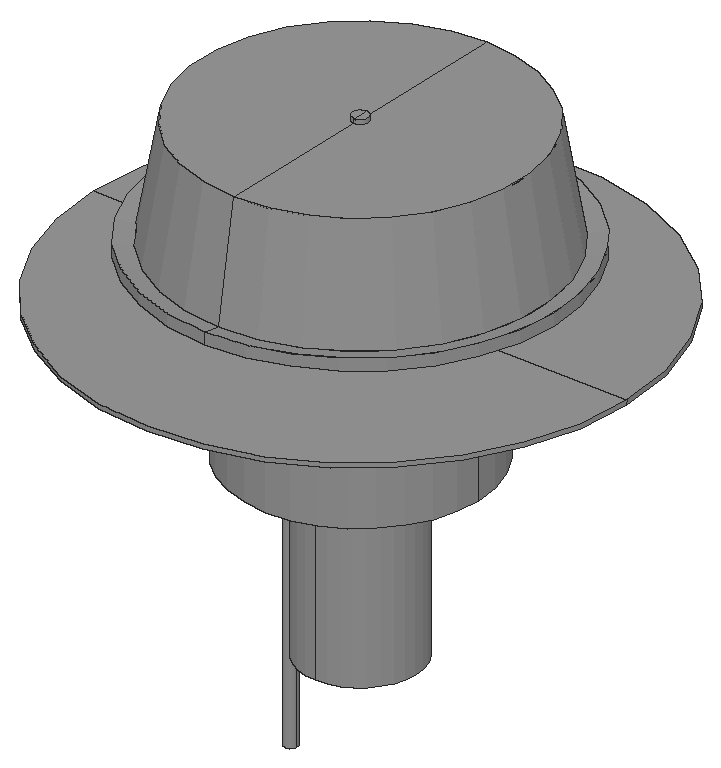
Revit family "HL_RU_Roof drain_HL62.1FSafe-B-221103", category Instalační zařizovací předměty, Revit 2021
Family settings
  Kóta kulaté spojky = Použít průměr
  Typ dílu = Normální
  Číslo OmniClass = 23.70.50.21.24.14
  Nadpis OmniClass = Deck Waste Water Drains
  Založené na pracovní rovině = Ne
  Vždy vertikální = Ano
  Ořezat dutým tvarem při načtení = Ne
  Sdílené = Ne
  Bod výpočtu místnosti = Ano
Parameters (values of type "HL_Кровельная воронка_HL62.1FSafe_7")
  РЕШЁТКА = "Laubfangkorb d 262 mm"
  РАЗМЕР = "DN75"
  ПРОПУСКНАЯ СПОСОБНОСТЬ [instance] = 0.0 L/s
  ПРОИЗВОДИТЕЛЬНОСТЬ = "l/s"
  ПРАВОВАЯ ИНФОРМАЦИЯ = "Авторские права(©), права на дизайн или какие либо другие права интелектуальной собственности являются исключительной собственностью компании HL Hutterer & Lechner. Изменению не подлежит. Файл семейства с данными о прозводителе изделия защищен паролем с водяным знаком."
  НОМИНАЛЬНЫЙ ДИАМЕТР = 75 mm
  МАТЕРИАЛ = "PP"
  ВЫСОТА МОНТАЖА = "100mm"
  ВЕС = "3,091 [kg]"
  Výchozí výška = 0 mm
  Výrobce = "HL Hutterer & Lechner GmbH"  # constant formula
  URL = "http://www.hutterer-lechner.com/ru/products/catalog/roof-drains/HL62.1FSafe/7.aspx"
  Материал плитка [instance] = none
  Přípoj ventilace = no
  Přípoj odpadních dílů = yes
  Přípoj HW = no
  Přípoj CW = no
  Popis = "Кровельные воронки"
  Model = "HL62.1FSafe_7"
  Assembly Code = " "
  Komentáře k typům = "HL62.1FSafe/7, Воронка для аварийного водостока DN75 с электрообогревом, с корпусом из ПП, с возможностью регулировки толщины слоя воды"
  Keynote = "HL62.1FSafe_7"
  EAN = "9003076040735"
  Bысота монтажа [instance] = 28 mm  # constant formula
  G [instance] = 180.00°  # constant formula
  D [instance] = if(НОМИНАЛЬНЫЙ ДИАМЕТР = 75 mm, 116 mm, if(НОМИНАЛЬНЫЙ ДИАМЕТР = 110 mm, 60 mm, if(НОМИНАЛЬНЫЙ ДИАМЕТР = 125 mm, 67 mm, 0 mm))) + Bысота монтажа  # 144 mm
  C [instance] = if(Bысота монтажа - 68 mm < 0 mm, 0 mm, Bысота монтажа - 68 mm)  # 0 mm
  B [instance] = 100 mm  # constant formula
  A [instance] = if(B - 100 mm > 15 mm, B - 100 mm, 15 mm)  # 15 mm
Types (4, lengths in mm): name | РАЗМЕР | НОМИНАЛЬНЫЙ ДИАМЕТР | ВЕС | URL | Model | Komentáře k typům | Keynote | EAN | D
  (no name) | "DN75" | 75 | "3,091 [kg]" | "http://www.hutterer-lechner.com/ru/products/catalog/roof-drains/HL62.1FSafe/7.aspx" | "HL62.1FSafe_7" | "HL62.1FSafe/7, Воронка для аварийного водостока DN75 с электрообогревом, с корпусом из ПП, с возможностью регулировки толщины слоя воды" | "HL62.1FSafe_7" | "9003076040735" | 144
  HL_Кровельная воронка_HL62.1FSafe_1 | "DN110" | 110 | "3,391 [kg]" | "http://www.hutterer-lechner.com/ru/products/catalog/roof-drains/HL62.1FSafe/1.aspx" | "HL62.1FSafe_1" | "HL62.1FSafe/1, Воронка для аварийного водостока DN110 с электрообогревом, с корпусом из ПП, с возможностью регулировки толщины слоя воды" | "HL62.1FSafe_1" | "9003076040711" | 88
  HL_Кровельная воронка_HL62.1FSafe_2 | "DN125" | 125 | "3,634 [kg]" | "http://www.hutterer-lechner.com/ru/products/catalog/roof-drains/HL62.1FSafe/2.aspx" | "HL62.1FSafe_2" | "HL62.1FSafe/2, Воронка для аварийного водостока DN125 с электрообогревом, с корпусом из ПП, с возможностью регулировки толщины слоя воды" | "HL62.1FSafe_2" | "9003076040728" | 95
  HL_Кровельная воронка_HL62.1FSafe_7 | "DN75" | 75 | "3,091 [kg]" | "http://www.hutterer-lechner.com/ru/products/catalog/roof-drains/HL62.1FSafe/7.aspx" | "HL62.1FSafe_7" | "HL62.1FSafe/7, Воронка для аварийного водостока DN75 с электрообогревом, с корпусом из ПП, с возможностью регулировки толщины слоя воды" | "HL62.1FSafe_7" | "9003076040735" | 144
Reference planes
  plane 1 "Center (Front/Back)": y = 0
  plane 2: z = 0
  plane 3 "Center (Left/Right)": x = 0
  plane 4: z = -100
  plane 5: z = -28
Lines and regions (mm)
  model lines, style "InvisibleLines"
    curve 1: line (0, 0, 0) -> (0, 0, 20)
  model lines, style "PlumbingFixtures", detail levels coarse+medium
    curve 2: line (0, 0, -100) -> (0, 0, -85)
    curve 3: line (0, 0, -85) -> (-85, 0, 0)
    curve 4: line (0, 0, -85) -> (85, 0, 0)
    curve 6: line (0, 0, -100) -> (0, 0, -244)
  reference lines, not visible
    curve 5: line (0, 0, -100) -> (0, 0, -244)
  symbolic lines, style "PlumbingFixtures", detail levels coarse+medium
    curve 7: line (-75, 75, 0) -> (75, 75, 0)
    curve 8: line (-75, -75, 0) -> (-75, 75, 0)
    curve 9: line (75, -75, 0) -> (-75, -75, 0)
    curve 10: line (75, 75, 0) -> (75, -75, 0)
    curve 11: line (-75, 75, 0) -> (-145.711, 145.711, 0)
    curve 12: line (75, 75, 0) -> (145.711, 145.711, 0)
    curve 13: line (-75, -75, 0) -> (-145.711, -145.711, 0)
    curve 14: line (75, -75, 0) -> (145.711, -145.711, 0)
  symbolic lines, style "PlumbingFixtures", not visible, detail levels coarse+medium
    curve 15: line (-75, 75, 0) -> (75, 75, 0)
    curve 16: line (-75, -75, 0) -> (-75, 75, 0)
    curve 17: line (75, -75, 0) -> (-75, -75, 0)
    curve 18: line (75, 75, 0) -> (75, -75, 0)
    curve 19: line (-75, 75, 0) -> (-145.711, 145.711, 0)
    curve 20: line (75, 75, 0) -> (145.711, 145.711, 0)
    curve 21: line (-75, -75, 0) -> (-145.711, -145.711, 0)
    curve 22: line (75, -75, 0) -> (145.711, -145.711, 0)
Text (mm)
  text "FLOOR" at (-162.344, 0, -10.979), in view "Drain Construction View"
Dimensions and locks
  "B": plane 2 to plane 4
  "Bысота монтажа": plane 2 to plane 5
  "A": curve 4 to plane 4
  "D": curve 5 to curve 5
  "D": curve 6 to curve 6
  locked: curve 4 to plane 3 "Center (Left/Right)" (angle 45.00°)
  locked: plane 3 "Center (Left/Right)" to curve 3 (angle 45.00°)
  "G": angle curve 5 to plane 3 "Center (Left/Right)"
  aligned and locked: level to plane 2
  aligned and locked: plane 2 to curve 4
  aligned and locked: plane 2 to curve 3
  aligned and locked: plane 4 to curve 5
  aligned and locked: plane 3 "Center (Left/Right)" to curve 5
  aligned and locked: plane 4 to curve 2
  aligned and locked: curve 6 to plane 3 "Center (Left/Right)"
  aligned and locked: curve 6 to plane 4
  aligned and locked: nested 1 to plane 5
  aligned and locked: nested 1 to plane 3 "Center (Left/Right)"
  aligned and locked: nested 2 to plane 2
  aligned and locked: plane 3 "Center (Left/Right)" to nested 2
Automatic sketch dimensions
  curve 2 to plane 3 "Center (Left/Right)" = 0 mm
  curve 1 to plane 3 "Center (Left/Right)" = 0 mm
  curve 1 to level = 0 mm
  level to curve 1 = 20 mm
Nested families
  nested 1: "HL_кровельные воронки - корпус_HL62.1F" at (0, 0, -28), НОМИНАЛЬНЫЙ ДИАМЕТР <- "НОМИНАЛЬНЫЙ ДИАМЕТР", type "HL_кровельные воронки - корпус_HL62.1F"
    with НОМИНАЛЬНЫЙ ДИАМЕТР 75 mm, OOD 47.5 mm, L 120 mm, A 75 mm
  nested 2: "HL_Вспомогательные материалы-Противопожарная защита_HL062.1Safe" at (0, 0, 0), Bысота монтажа <- "Bысота монтажа", type "HL_Вспомогательные материалы-Противопожарная защита_HL062.1Safe"
    with Пропускная способность 0.0 L/s, L 58 mm, IHmin 28 mm, IHmax 68 mm, Bысота монтажа 28 mm
Connectors
  piping at (0, 0, -244), diameter 75, driven by "ПРОПУСКНАЯ СПОСОБНОСТЬ", driven by "НОМИНАЛЬНЫЙ ДИАМЕТР"
    settings: on curve 5, index 1, connector inside diameter 609.6 mm, connector length 0 mm, flow factor 0, pipe flow 0.0 L/s, pressure drop 0.0 Pa, fitting loss kfactor 0, connector angle 0.00°, fixture units 0, engagement length 0 mm, angle of deflection 0.00°, flow configuration 1, flow direction 2, fitting loss method 0, system type 16, joint type 0, gender type 0, connector reference index -1, connector utility 0, adjustable connector yes, is connector primary yes, connector description ""
Definition of nested family "HL_кровельные воронки - корпус_HL62.1F"
  Parameters (values of type "HL_кровельные воронки - корпус_HL62.1F")
    НОМИНАЛЬНЫЙ ДИАМЕТР [instance] = 125 mm
    Default Elevation = 0 mm
    OOD [instance] = if(A = 75 mm, 47.5 mm, 71 mm)  # 71 mm
    Manufacturer = ""
    URL = ""
    Description = ""
    A [instance] = НОМИНАЛЬНЫЙ ДИАМЕТР  # 125 mm
    Model = ""
    L [instance] = if(A = 75 mm, 120 mm, if(A = 110 mm, 64 mm, if(A = 125 mm, 71 mm, 0 mm)))  # 71 mm
    Type Comments = ""
    Cost = 0
  Reference planes
    plane 1 "Střed (vpředu/vzadu)": y = 0
    plane 2: z = 0
    plane 3 "Střed (vlevo/vpravo)": x = 0
  Forms (mm)
    Revolve 1, solid, detail levels fine
      sketch origin (0, 0, 0) x (1, 0, 0) y (0, 0, 1)
        loop
          line (-180, -3) -> (-81.687, -3) -> (-81.687, -17.808) -> (-79.882, -20.934) -> (-79.882, -96) -> (0, -96) -> (0, -29.3) -> (-74.763, -29.3) -> (-74.763, -23.875) -> (-78.907, -16.698) -> (-78.907, 0) -> (-180, 0) -> (-180, -3)
        axis (0, 0) -> (0, -96)
      angle from 0 to 360
    Extrusion 2, solid, detail levels fine
      sketch origin (0, 0, -96) x (0, 1, 0) y (1, 0, 0)
        loop
          circle (0, 0) r 62.5
      from 0 to 71
    Sweep 3, solid, detail levels fine
      path in 3D
        loop
          line (-71, 0, -288.3) -> (-71, 0, -96)
      profile origin (-71, 0, -192.15) x (-1, 0, 0) y (0, -1, 0)
        loop
          circle (0, -0.708) r 4.23
  Cuts and joins
    joined: Revolve 1, Extrusion 2
  Lines and regions (mm)
    reference lines
      curve 1: line (-71, 0, -288.3) -> (-71, 0, -96)
      curve 3: line (-61, 0, -96) -> (119, 0, -96)
    sketch lines
      curve 2: line (-71, 0, -288.3) -> (-71, 0, -96)
  Dimensions and locks
    "OOD": plane 3 "Střed (vlevo/vpravo)" to curve 1
    "L": cut or joined group of Revolve 1, Extrusion 2 to cut or joined group of Revolve 1, Extrusion 2
    "A": diameter of Extrusion 2 sketch curve
    aligned and locked: level to plane 2
    aligned and locked: cut or joined group of Revolve 1, Extrusion 2 to curve 3
  Automatic sketch dimensions
    Revolve 1 sketch curve to level = 0 mm
    Revolve 1 sketch curve to plane 3 "Střed (vlevo/vpravo)" = 0 mm  (x2)
    Revolve 1 sketch curve to level = 23.875 mm
    Revolve 1 sketch curve to plane 3 "Střed (vlevo/vpravo)" = 74.763 mm
    Revolve 1 sketch curve to level = 16.698 mm
    Revolve 1 sketch curve to Revolve 1 sketch curve = 4.143 mm
    Revolve 1 sketch curve to level = 20.934 mm
    Revolve 1 sketch curve to Revolve 1 sketch curve = 0.976 mm
    Revolve 1 sketch curve to level = 17.808 mm
    Revolve 1 sketch curve to Revolve 1 sketch curve = 2.78 mm
    Revolve 1 sketch curve to level = 3 mm
    Revolve 1 sketch curve to Revolve 1 sketch curve = 98.313 mm
    Revolve 1 sketch curve to Revolve 1 sketch curve = 5.425 mm
    Revolve 1 sketch curve to Revolve 1 sketch curve = 66.7 mm
    level to Revolve 1 sketch curve = 295.621 mm
    Revolve 1 sketch curve to Revolve 1 sketch curve = 204 mm
    Sweep 3 sketch curve to Sweep 3 sketch curve = 0 mm  (x2)
    Sweep 3 sketch curve to profile plane = 0 mm
    Sweep 3 sketch curve to profile plane = 0.708 mm
    profile plane to Sweep 3 sketch curve = 4.23 mm
    curve 3 to curve 1 = 0 mm
    curve 3 to curve 1 = 190 mm
    curve 3 to curve 1 = 10 mm
    curve 1 to level = 288.3 mm
    curve 1 to level = 96 mm
    Extrusion 2 sketch curve to Revolve 1 = 0 mm
Definition of nested family "HL_Вспомогательные материалы-Противопожарная защита_HL062.1Safe"
  Parameters (values of type "HL_Вспомогательные материалы-Противопожарная защита_HL062.1Safe")
    РЕШЁТКА = "Laubfangkorb d 262 mm"
    ПРАВОВАЯ ИНФОРМАЦИЯ = "Авторские права(©), права на дизайн или какие либо другие права интелектуальной собственности являются исключительной собственностью компании HL Hutterer & Lechner. Изменению не подлежит. Файл семейства с данными о прозводителе изделия защищен паролем с водяным знаком."
    МАТЕРИАЛ = "PP"
    ВЕС = "1,25 [kg]"
    Default Elevation = 0 mm
    Manufacturer = "HL Hutterer & Lechner GmbH"
    URL = "http://www.hutterer-lechner.com/ru/products/catalog/roof-drains/HL062.1Safe.aspx"
    Материал плитка = none
    Description = "Кровельные воронки"
    Model = "HL062.1Safe"
    L [instance] = if(Bысота монтажа < IHmin, -100 mm, if(Bысота монтажа > IHmax, -100 mm, Bысота монтажа + 30 mm))  # 58 mm
    Type Comments = "HL062.1Safe, Вставка в воронку для аварийного водоотведения"
    Keynote = "HL062.1Safe"
    Bысота монтажа [instance] = 28 mm
    IHmin [instance] = 28 mm
    IHmax [instance] = 68 mm
    Пропускная способность [instance] = 0.0 L/s
    EAN = "9003076040605"
    Cost = 0
  Reference planes
    plane 1 "Střed (vpředu/vzadu)": y = 0
    plane 2: z = 0
    plane 3 "Střed (vlevo/vpravo)": x = 0
  Forms (mm)
    Revolve 1, solid, detail levels fine
      sketch origin (0, 0, 0) x (0, 1, 0) y (0, 0, 1)
        loop
          line (0, 81.1) -> (-5.25, 81.1) -> (-5.25, 78.5) -> (-106.614, 78.5) -> (-119.486, 5.5) -> (-101.611, 5.5) -> (-90.568, 68.124) -> (0, 68.124) -> (0, 81.1)
        axis (0, 81.1) -> (0, 5.5)
      angle from 0 to 360
    Extrusion 2, solid, detail levels fine
      sketch origin (0, 0, 68.124) x (-1, 0, 0) y (0, 1, 0)
        loop
          circle (-50, 0) r 11.945
      from 0 to 82.224
    Extrusion 3, solid, detail levels fine
      sketch origin (-100, 0, 68.124) x (-1, 0, 0) y (0, 1, 0)
        loop
          circle (-50, 0) r 11.945
      from 0 to 82.224
    Revolve 4, solid, detail levels fine
      sketch origin (0, 0, 0) x (0, 1, 0) y (0, 0, 1)
        loop
          line (-130.983, 7.735) -> (-130.983, 0) -> (-69.061, 0) -> (-64.445, -4.616) -> (-64.445, -65.123) -> (-63.068, -66.5) -> (-58.068, -66.5) -> (-58.068, -4.58) -> (-68.148, 5.5) -> (-119.486, 5.5) -> (-130.983, 7.735)
        axis (0, 7.735) -> (0, -66.5)
      angle from 0 to 360
    Revolve 5, solid, detail levels fine
      sketch origin (0, 69.895, -58) x (0, -1, 0) y (0, 0, -1)
        loop
          line (149.29, -29.5) -> (149.29, -9.5) -> (139.79, 0) -> (134.34, 0) -> (134.34, -44) -> (138.069, -44) -> (138.069, -29.5) -> (149.29, -29.5)
        axis (69.895, -44) -> (69.895, 0)
      angle from 0 to 360
  Lines and regions (mm)
    reference lines
      curve 1: line (0, 69.895, -58) -> (0, -190.105, -58)
  Dimensions and locks
    "L": curve 1 to plane 2
    aligned and locked: level to plane 2
  Automatic sketch dimensions
    Revolve 1 sketch curve to plane 1 "Střed (vpředu/vzadu)" = 0 mm  (x2)
    plane 1 "Střed (vpředu/vzadu)" to Revolve 1 sketch curve = 5.25 mm
    Revolve 1 sketch curve to Revolve 1 sketch curve = 85.318 mm
    level to Revolve 1 sketch curve = 5.5 mm
    Revolve 1 sketch curve to Revolve 1 sketch curve = 11.042 mm
    Revolve 1 sketch curve to Revolve 1 sketch curve = 16.046 mm
    Revolve 1 sketch curve to Revolve 1 sketch curve = 17.876 mm
    Revolve 1 sketch curve to Revolve 1 sketch curve = 62.624 mm
    Revolve 1 sketch curve to Revolve 1 sketch curve = 10.376 mm
    Revolve 1 sketch curve to Revolve 1 sketch curve = 2.6 mm
    Revolve 1 sketch curve to Revolve 1 sketch curve = 40 mm
    Revolve 1 sketch curve to Revolve 1 sketch curve = 25 mm
    Extrusion 2 sketch curve to Revolve 1 = 50 mm
    Revolve 1 to Extrusion 3 sketch curve = 50 mm
    level to Revolve 4 sketch curve = 0 mm
    Revolve 4 sketch curve to plane 1 "Střed (vpředu/vzadu)" = 0 mm
    plane 1 "Střed (vpředu/vzadu)" to Revolve 4 sketch curve = 58.068 mm
    Revolve 4 sketch curve to Revolve 4 sketch curve = 5 mm
    Revolve 4 sketch curve to Revolve 4 sketch curve = 1.377 mm  (x2)
    Revolve 4 sketch curve to Revolve 4 sketch curve = 3.703 mm
    Revolve 4 sketch curve to Revolve 4 sketch curve = 0.913 mm
    level to Revolve 4 sketch curve = 5.5 mm
    Revolve 4 sketch curve to Revolve 4 sketch curve = 50.425 mm
    Revolve 4 sketch curve to Revolve 4 sketch curve = 11.497 mm
    Revolve 4 sketch curve to level = 4.58 mm
    Revolve 4 sketch curve to level = 4.616 mm
    Revolve 4 sketch curve to Revolve 4 sketch curve = 60.507 mm
    level to Revolve 4 sketch curve = 7.735 mm
    Revolve 4 sketch curve to Revolve 4 sketch curve = 10 mm
    Revolve 4 sketch curve to Revolve 4 sketch curve = 35 mm
    Revolve 5 sketch curve to curve 1 = 0 mm
    curve 1 to Revolve 5 sketch curve = 44 mm
    Revolve 5 sketch curve to curve 1 = 125.66 mm
    Revolve 5 sketch curve to Revolve 5 sketch curve = 3.729 mm
    Revolve 5 sketch curve to Revolve 5 sketch curve = 5.45 mm
    Revolve 5 sketch curve to Revolve 5 sketch curve = 11.221 mm
    Revolve 5 sketch curve to Revolve 5 sketch curve = 14.5 mm
    curve 1 to Revolve 5 sketch curve = 9.5 mm
    curve 1 to Revolve 5 sketch curve = 69.895 mm
    Revolve 5 sketch curve to curve 1 = 15 mm
    Revolve 5 sketch curve to Revolve 5 sketch curve = 40 mm
    plane 1 "Střed (vpředu/vzadu)" to curve 1 = 190.105 mm
    curve 1 to plane 1 "Střed (vpředu/vzadu)" = 69.895 mm
    radius of Extrusion 2 sketch curve = 11.945 mm
    radius of Extrusion 3 sketch curve = 11.945 mm
